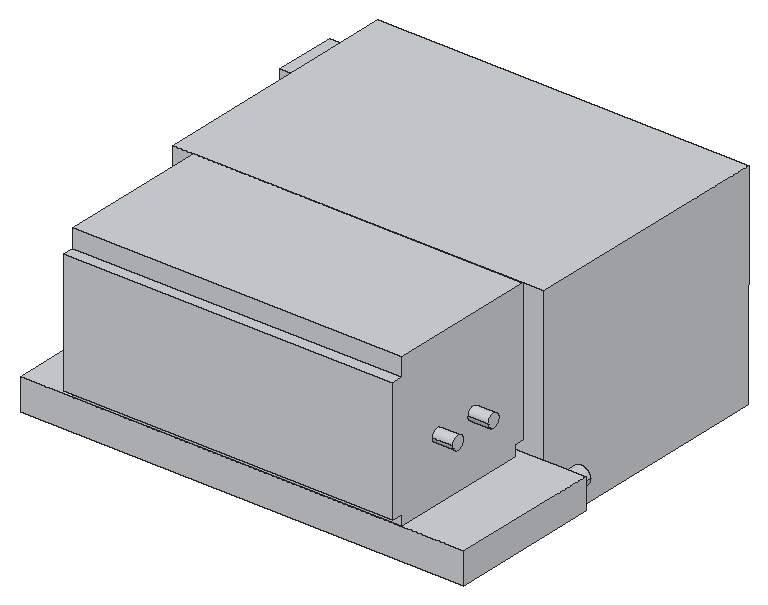
Revit family "M_Unidade de serpentina do ventilador com plenum - Horizontal - DX - Retorno inferior", category Equipamento mecânico, Revit 2019
Family settings
  Cota do conector redondo = Utilizar diâmetro
  Tipo de parte = Normal
  Número OmniClass = 23.75.70.17.27
  Título OmniClass = Fan Coil Units
  ID de item do Seek = Fan Coil Unit with Plenum - Horizontal - DX - Bottom Return-0000-CAN-ENU
  Com base no plano de trabalho = Não
  Sempre na vertical = Sim
  Corte com vazios quando carregada = Não
  Compartilhado = Não
  Ponto de cálculo do ambiente = Não
Parameters (values of type "94 LPS")
  Voltagem = 120 V
  Comprimento da unidade = 539.8 mm
  Altura da unidade = 222.3 mm
  Capacidade de resfriamento total = 1758.43 W
  Largura do ar de fornecimento = 400 mm
  Altura do ar de fornecimento = 150 mm
  Capacidade de resfriamento perceptível = 1348.13 W
  Largura do ar de retorno = 475 mm
  Fluxo refrigerante [instance] = 0.06 L/s
  Número de pólos = 1
  Fluxo de ar nominal [instance] = 94.39 L/s
  Classificação de carga = Refrigeração
  Pressão estática externa [instance] = 74.65 Pa
  Fluxo da drenagem [instance] = 0.0 L/s
  Material CFU = none
  C2 Deslocamento 1 = 108 mm
  C1 Deslocamento 1 = 108 mm
  Carga aparente = 50 VA
Types (8, lengths in mm): name | Comprimento da unidade | Altura da unidade | Capacidade de resfriamento total | Largura do ar de fornecimento | Altura do ar de fornecimento | Capacidade de resfriamento perceptível | Largura do ar de retorno | Fluxo refrigerante | Fluxo de ar nominal | C2 Deslocamento 1 | C1 Deslocamento 1 | Carga aparente
  (no name) | 539.8 | 222.3 | 1758.43 W | 400 | 150 | 1348.13 W | 475 | 0.06 L/s | 94.39 L/s | 108 | 108 | 50 VA
  94 LPS | 539.8 | 222.3 | 1758.43 W | 400 | 150 | 1348.13 W | 475 | 0.06 L/s | 94.39 L/s | 108 | 108 | 50 VA
  141 LPS | 641.4 | 222.3 | 2637.64 W | 500 | 150 | 2022.19 W | 550 | 0.13 L/s | 141.58 L/s | 108 | 108 | 85 VA
  188 LPS | 793.8 | 222.3 | 3897.85 W | 650 | 150 | 3018.63 W | 700 | 0.19 L/s | 188.78 L/s | 108 | 108 | 165 VA
  282 LPS | 920.8 | 254 | 5275.28 W | 800 | 200 | 4278.84 W | 850 | 0.25 L/s | 283.17 L/s | 123.8 | 92.1 | 225 VA
  376 LPS | 1098.6 | 254 | 6623.41 W | 950 | 200 | 4952.9 W | 1000 | 0.32 L/s | 377.56 L/s | 123.8 | 92.1 | 235 VA
  470 LPS | 1454.2 | 254 | 8059.45 W | 1300 | 200 | 6154.49 W | 1400 | 0.38 L/s | 471.95 L/s | 85.7 | 123.8 | 305 VA
  564 LPS | 1657.4 | 254 | 9612.73 W | 1500 | 200 | 7326.78 W | 1600 | 0.44 L/s | 566.34 L/s | 85.7 | 123.8 | 435 VA
Reference planes
  plane 1 "Centro (Frente/Trás)": y = 0
  plane 2: z = 0
  plane 3 "Centro (Esquerda/Direita)": x = 0
  plane 4: y = -12.7
  plane 5: y = 495.3
  plane 6: x = 539.8
  plane 7: x = 463.6
  plane 8: x = 63.6
  plane 9: y = 184.15
  plane 10: z = 222.3
  plane 11: z = 38.1
  plane 12: z = 200.075
  plane 13: y = 171.45
  plane 14: z = 50.8
  plane 15: x = 38.2
  plane 16: x = 489
  plane 17: y = 53.975
  plane 18: y = 107.95
  plane 19: z = 114.3
  plane 20: z = 114.3
  plane 21: x = 514.4
  plane 22: z = 19.05
  plane 23: y = 209.55
  plane 24: y = 469.9
  plane 25: y = 393.7
  plane 26: z = 174.675
Forms (mm)
  Extrusion 1, solid, material <- "Material CFU"
    sketch origin (0, 0, 0) x (1, 0, 0) y (0, 1, 0)
      loop
        line (0, 184.15) -> (0, 0) -> (539.8, 0) -> (539.8, 184.15) -> (0, 184.15)
    from 0 to 38.1
  Extrusion 2, solid, material <- "Material CFU"
    sketch origin (0, 0, 0) x (0, 1, 0) y (0, 0, 1)
      loop
        line (184.15, 222.3) -> (0, 222.3) -> (0, 200.075) -> (-12.7, 200.075) -> (-12.7, 50.8) -> (0, 50.8) -> (0, 38.1) -> (171.45, 38.1) -> (171.45, 50.8) -> (184.15, 50.8) -> (184.15, 222.3)
    from 63.6 to 463.6
  Extrusion 3, solid, material <- "Material CFU"
    sketch origin (0, 0, 0) x (0, 1, 0) y (0, 0, 1)
      loop
        line (184.15, 222.3) -> (184.15, -38.05) -> (495.3, -38.05) -> (495.3, 222.3) -> (184.15, 222.3)
    from 38.2 to 489
  Extrusion 4, solid, material <- "Material CFU"
    sketch origin (0, 0, 0) x (1, 0, 0) y (0, 0, 1)
      loop
        circle (514.4, 19.05) r 11.113
    from -209.55 to -184.15
  Extrusion 5, solid, material <- "Material CFU"
    sketch origin (0, 0, 0) x (0, 1, 0) y (0, 0, 1)
      loop
        circle (53.975, 114.3) r 7.938
    from 463.6 to 489
  Extrusion 6, solid, material <- "Material CFU"
    sketch origin (0, 0, 0) x (0, 1, 0) y (0, 0, 1)
      loop
        circle (107.95, 114.3) r 7.938
    from 463.6 to 489
  Extrusion 7, solid, material <- "Material CFU"
    sketch origin (0, 0, 0) x (1, 0, 0) y (0, 1, 0)
      loop
        line (0, 469.9) -> (0, 393.7) -> (38.2, 393.7) -> (38.2, 469.9) -> (0, 469.9)
    from 174.675 to 200.075
Dimensions and locks
  locked: plane 4 to plane 1 "Centro (Frente/Trás)" at 12.7
  locked: plane 4 to plane 5 at 508
  "Comprimento da unidade": plane 3 "Centro (Esquerda/Direita)" to plane 6
  locked: plane 7 to plane 6 at 76.2
  "Largura do ar de fornecimento": plane 8 to plane 7
  locked: plane 1 "Centro (Frente/Trás)" to plane 9 at 184.15
  "Altura da unidade": plane 10 to plane 2
  locked: plane 11 to plane 2 at 38.1
  locked: plane 10 to plane 12 at 22.225
  locked: plane 13 to plane 9 at 12.7
  locked: plane 14 to plane 11 at 12.7
  locked: plane 10 to Extrusion 3 sketch curve at 260.35
  locked: plane 15 to plane 8 at 25.4
  locked: plane 4 to plane 17 at 66.675
  locked: plane 4 to plane 18 at 120.65
  "C1 Deslocamento 1": plane 10 to plane 19
  "C2 Deslocamento 1": plane 10 to plane 20
  locked: plane 6 to plane 21 at 25.4
  equal spacing: plane 11, plane 22, level
  locked: plane 9 to plane 23 at 25.4
  locked: plane 7 to plane 16 at 25.4
  locked: plane 5 to plane 24 at 25.4
  locked: plane 24 to plane 25 at 76.2
  locked: plane 12 to plane 26 at 25.4
  radius of Extrusion 5 sketch curve = 7.938 mm
  radius of Extrusion 6 sketch curve = 7.938 mm
  aligned and locked: plane 3 "Centro (Esquerda/Direita)" to Extrusion 1 sketch curve
  aligned and locked: plane 9 to Extrusion 1 sketch curve
  aligned and locked: plane 1 "Centro (Frente/Trás)" to Extrusion 1 sketch curve
  aligned and locked: Extrusion 1 sketch curve to plane 6
  aligned and locked: Extrusion 1 to plane 2
  aligned and locked: plane 11 to Extrusion 1
  aligned and locked: plane 10 to Extrusion 2 sketch curve
  aligned and locked: plane 1 "Centro (Frente/Trás)" to Extrusion 2 sketch curve  (x2)
  aligned and locked: plane 12 to Extrusion 2 sketch curve
  aligned and locked: plane 4 to Extrusion 2 sketch curve
  aligned and locked: Extrusion 2 sketch curve to plane 14  (x2)
  aligned and locked: Extrusion 2 sketch curve to plane 11
  aligned and locked: Extrusion 2 sketch curve to plane 13
  aligned and locked: Extrusion 2 sketch curve to plane 9
  aligned and locked: plane 7 to Extrusion 2
  aligned and locked: Extrusion 2 to plane 8
  aligned and locked: plane 16 to Extrusion 3
  aligned and locked: Extrusion 3 to plane 15
  aligned and locked: plane 22 to Extrusion 4 sketch curve
  aligned and locked: plane 21 to Extrusion 4 sketch curve
  aligned and locked: plane 9 to Extrusion 4
  aligned and locked: Extrusion 4 to plane 23
  aligned and locked: plane 17 to Extrusion 5 sketch curve
  aligned and locked: plane 19 to Extrusion 5 sketch curve
  aligned and locked: plane 20 to Extrusion 6 sketch curve
  aligned and locked: plane 18 to Extrusion 6 sketch curve
  aligned and locked: plane 16 to Extrusion 6
  aligned and locked: plane 16 to Extrusion 5
  aligned and locked: Extrusion 6 to plane 7
  aligned and locked: Extrusion 5 to plane 7
  aligned and locked: plane 3 "Centro (Esquerda/Direita)" to Extrusion 7 sketch curve
  aligned and locked: Extrusion 7 sketch curve to plane 24
  aligned and locked: plane 25 to Extrusion 7 sketch curve
  aligned and locked: Extrusion 7 sketch curve to plane 15
  aligned and locked: plane 12 to Extrusion 7
  aligned and locked: Extrusion 7 to plane 26
Automatic sketch dimensions
  Extrusion 3 sketch curve to plane 9 = 0 mm
  Extrusion 3 sketch curve to plane 5 = 0 mm
  Extrusion 3 sketch curve to plane 10 = 0 mm
  radius of Extrusion 4 sketch curve = 11.113 mm
Connectors
  hvac at (263.6, -12.7, 125.437), driven by "Fluxo de ar nominal", driven by "Altura do ar de fornecimento", driven by "Largura do ar de fornecimento"
    settings: on Extrusion 2, index 1, duct flow 94.39 L/s, flow factor 0, pres drop 0.0 Pa, loss coef 0, conn angle 0.00°, conn width 400 mm, conn height 150 mm, conn diameter 609.6 mm, duct sys type 1, conn prof type 1, flow config 0, flow direction 2, loss method 0, conn ref index 2, conn util no, is conn primary yes, conn desc ""
  hvac at (263.6, 339.725, -38.05), driven by "Fluxo de ar nominal", driven by "Largura do ar de retorno"
    settings: on Extrusion 3, index 2, duct flow 94.39 L/s, flow factor 0, pres drop 0.0 Pa, loss coef 0, conn angle 0.00°, conn width 475 mm, conn height 285.75 mm, conn diameter 609.6 mm, duct sys type 2, conn prof type 1, flow config 0, flow direction 1, loss method 0, conn ref index 1, conn util no, is conn primary no, conn desc ""
  piping at (489, 53.975, 114.3), diameter 15.875, driven by "Fluxo refrigerante"
    settings: on Extrusion 5, index 3, connector inside diameter 15.875 mm, connector length 0 mm, flow factor 0, pipe flow 0.06 L/s, pressure drop 0.0 Pa, fitting loss kfactor 0, connector angle 0.00°, fixture units 0, engagement length 0 mm, angle of deflection 0.00°, flow configuration 1, flow direction 1, fitting loss method 0, system type 22, joint type 0, gender type 0, connector reference index 4, connector utility 0, adjustable connector no, is connector primary yes, connector description "Refrigerante, entrada"
  piping at (489, 107.95, 114.3), diameter 15.875, driven by "Fluxo refrigerante"
    settings: on Extrusion 6, index 4, connector inside diameter 15.875 mm, connector length 0 mm, flow factor 0, pipe flow 0.06 L/s, pressure drop 0.0 Pa, fitting loss kfactor 0, connector angle 0.00°, fixture units 0, engagement length 0 mm, angle of deflection 0.00°, flow configuration 1, flow direction 2, fitting loss method 0, system type 22, joint type 0, gender type 0, connector reference index 3, connector utility 0, adjustable connector no, is connector primary no, connector description "Refrigerante, saída"
  piping at (514.4, 209.55, 19.05), diameter 22.225, driven by "Fluxo da drenagem"
    settings: on Extrusion 4, index 5, connector inside diameter 22.225 mm, connector length 0 mm, flow factor 0, pipe flow 0.0 L/s, pressure drop 0.0 Pa, fitting loss kfactor 0, connector angle 0.00°, fixture units 0, engagement length 0 mm, angle of deflection 0.00°, flow configuration 1, flow direction 2, fitting loss method 0, system type 16, joint type 0, gender type 0, connector reference index -1, connector utility 0, adjustable connector yes, is connector primary no, connector description "Drenagem, Saída"
  electrical at (0, 431.8, 187.375), driven by "Carga aparente", driven by "Voltagem", driven by "Número de pólos", driven by "Classificação de carga"
    settings: on Extrusion 7, index 6, voltage 120 V, apparent load 50 VA, apparent load phase1 0 VA, apparent load phase2 0 VA, apparent load phase3 0 VA, power factor 0.8, load classification "Refrigeração", number of poles 1, system type 30, power factor state 1, is connector primary yes, connector utility no, sub classification motor no, connector description ""
